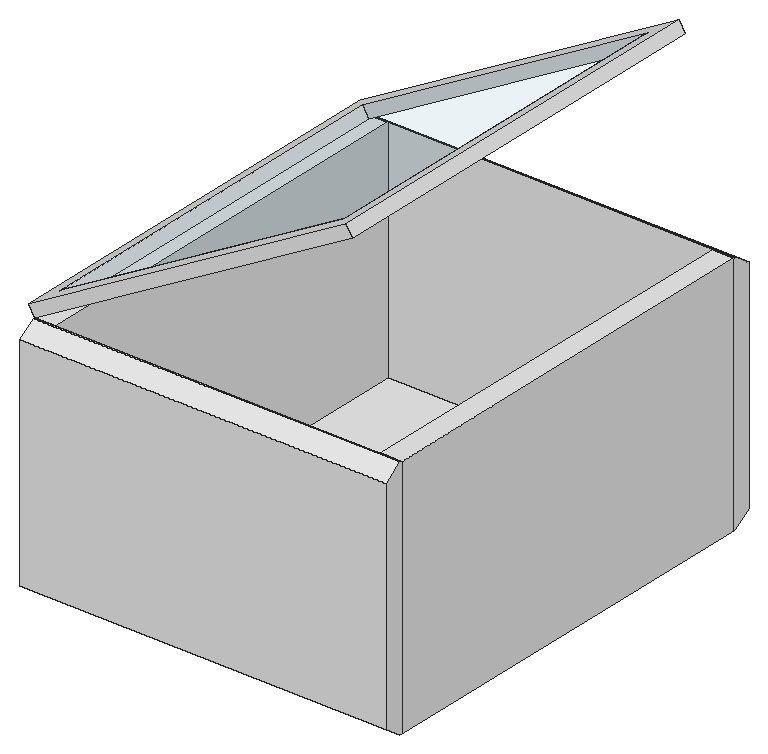
Revit family "Domotics-CablaggioStrutturato-GEWISS-QUADRI_PARETE_19_15U_P400", category Apparecchi elettrici, host Superficie, Revit 2019
Family settings
  Host = Superficie
  Mantenere orientamento annotazione = Sì
  Quota connettore circolare = Usa diametro
  Tipo di parte = Normale
  Taglio con vuoti quando caricato = No
  Condiviso = No
  Punto di calcolo locali = Sì
Parameters (values of type "GW38409 - QUADRO DA PARETE 19 15U P=400MM.")
  simbolo in pianta [instance] = yes
  Visibilità sportello [instance] = yes
  Versione file RFA = "21.2"
  UnitÃ  di cablaggio = "15 U"
  URL = "https://www.gewiss.com/it/it"
  Tipologia porta = "Reversibile"
  Scheda Tecnica = "https://www.gewiss.com/it/it/search?q=GW38409"
  SEO = "Quadro"
  Default Elevation = 1219.2 mm
  ProfonditÃ  (mm) = "400 mm"
  Produttore = "GEWISS S.p.A."
  Portata statica = "50KG"
  Nome quadro [instance] = "n.quadro"
  N. montanti = "2"
  Modello = "GW38409"
  Materiale = "Acciaio"
  Immagine tipo = B.jpg
  IDT = "17dd06d31ede436fa0e8bbddfc93c58c"
  IDF = "c6e916d7-4e50-4585-9099-88fb55417784"
  Grado di protezione = "IP20"
  Finitura = "Bucciata"
  Distanza_x [instance] = -380.34 mm
  Distanza simbolo [instance] = 0.5 mm
  Distanza effettiva x [instance] = 1000 mm - Distanza_x  # 1380.34 mm
  Dim. esterne BxHxP (mm) = "600x740x400"
  Descrizione = "QUADRO DA PARETE 19 15U P=400MM."
  Creato da GEWISS S.p.A. = ""
  Colore = "Grigio (RAL 7035)"
  Codice Electrocod = "3752"
  Categoria = "Quadro da parete 19\""
  Catalogo = "DOMOTICS"
  COBie.Tagnumber = ""
  COBie.CreatedOn = ""
  COBie.CreatebBy = ""
  COBie.ComponentRegisterItemID = ""
  COBie.Component.TagNumber = ""
  COBie.Component.Space = ""
  COBie.Component.SerialNumber = ""
  COBie.Component.InstallationDate = ""
  COBie.Component.Description = ""
  COBie.Component.BarCode = ""
  Apertura porta = "180°"
  Apertura [instance] = 30.00°
Reference planes
  plane 1 "Centro (Fronte/Retro)": y = 0
  plane 2: z = 0
  plane 3 "Centro (Sinistra/Destra)": x = 0
  plane 4: x = -1380.34
  plane 5: x = 0
Forms (mm)
  Extrusion 1, solid, detail levels coarse
    sketch origin (0, 0, 0) x (1, 0, 0) y (0, 1, 0)
      loop
        line (-10, -4.25) -> (600, -4.25) -> (600, 744) -> (-10, 744) -> (-10, -4.25)
    from 0 to 400
Dimensions and locks
  plane 4 to plane 3 "Centro (Sinistra/Destra)" = 1380.34 mm
  "Distanza effettiva x": plane 4 to plane 5
  aligned and locked: host face to plane 2
  aligned and locked: host face to level
  aligned and locked: nested 1 to plane 5
  aligned and locked: plane 3 "Centro (Sinistra/Destra)" to nested 2
  aligned and locked: plane 1 "Centro (Fronte/Retro)" to nested 2
  aligned and locked: Extrusion 1 sketch curve to nested 2  (x4)
  aligned and locked: Extrusion 1 to nested 2
Automatic sketch dimensions
  host sketch curve to host sketch curve = 3398.537 mm
  host sketch curve to host sketch curve = 3619.2 mm
Nested families
  nested 1: "DATACENTERsimbolo" at (0, 911.19, 0), Distanza dal muro <- "Distanza simbolo", SIMBOLO ACCESO <- "simbolo in pianta", visible <- "simbolo in pianta", type "3P"
    with SIMBOLO ACCESO yes, Distanza dal muro 0.5 mm
  nested 2: "QUADRO DA PARETE 19 15U P_400MM_base" at (0, 0, 0), Visibilità sportello <- "Visibilità sportello", type "QUADRO DA PARETE 19 15U P_400MM_base", detail levels medium+fine
Definition of nested family "QUADRO DA PARETE 19 15U P_400MM_base"
  Parameters (values of type "QUADRO DA PARETE 19 15U P_400MM_base")
    s = 30.00°
    d_piano = 0 mm
    Visibilità sportello [instance] = yes
    Vetro = none
    Struttura = none
    Sportlello = none
    Profondità quadro = 400 mm  # constant formula
    Larghezza quadro = 600 mm  # constant formula
    Altezza quadro = 740 mm  # constant formula
  Reference planes
    plane 1 "Centro (Fronte/Retro)": y = 0
    plane 2: z = 0
    plane 3 "Centro (Sinistra/Destra)": x = 0
    plane 4: z = 0
    plane 5: z = 26
    plane 6: z = 376
    plane 7: z = 400
    plane 8 "posizione": y = 30
    plane 9: y = 710
    plane 10: y = 740
    plane 11: x = 600
    plane 12: x = 34
    plane 13: x = 566
    plane 14: y = -4.25
    plane 15: y = 744
    plane 16: z = 375.1
    plane 17: z = 345.6
    plane 18: x = 69.137
    plane 19: z = 57.064
    plane 20: z = 555.625
  Forms (mm)
    Extrusion 1, solid, material <- "Struttura"
      sketch origin (0, 0, 0) x (0, 1, 0) y (0, 0, 1)
        loop
          line (30, 400) -> (30, 0) -> (710, 0) -> (710, 400) -> (30, 400)
      from 0 to 34
    Extrusion 2, solid, material <- "Struttura"
      sketch origin (612, 0, 0) x (0, 1, 0) y (0, 0, -1)
        loop
          line (30, -400) -> (710, -400) -> (710, 0) -> (30, 0) -> (30, -400)
      from 12 to 46
    Extrusion 3, solid, material <- "Struttura"
      sketch origin (0, 0, 0) x (0, 1, 0) y (0, 0, 1)
        loop
          line (30, 0) -> (30, 400) -> (27.558, 400) -> (0, 380.704) -> (0, 19.296) -> (27.558, 0) -> (30, 0)
        loop
          line (710, 0) -> (712.442, 0) -> (740, 19.296) -> (740, 380.704) -> (712.442, 400) -> (710, 400) -> (710, 0)
      from 0 to 600
    Extrusion 4, solid, material <- "Struttura"
      sketch origin (0, 0, 0) x (1, 0, 0) y (0, 1, 0)
        loop
          line (34, 710) -> (34, 30) -> (566, 30) -> (566, 710) -> (34, 710)
      from 0 to 26
    Extrusion 5, solid, material <- "Sportlello", visible <- "Visibilità sportello"
      sketch origin (731.334, 0, 822.236) x (-0.866025, 0, -0.5) y (0, -1, 0)
        loop
          line (844.471, -30) -> (244.471, -30) -> (244.471, -710) -> (844.471, -710) -> (844.471, -30)
        loop
          line (274.471, -680) -> (814.471, -680) -> (814.471, -60) -> (274.471, -60) -> (274.471, -680)
      from 0 to 20
    Extrusion 6, solid, material <- "Vetro", visible <- "Visibilità sportello"
      sketch origin (731.334, 0, 822.236) x (-0.866025, 0, -0.5) y (0, -1, 0)
        loop
          line (814.471, -60) -> (274.471, -60) -> (274.471, -680) -> (814.471, -680) -> (814.471, -60)
      from 0 to 20
  Lines and regions (mm)
    reference lines
      curve 1: line (731.334, 0, 822.236) -> (0, 0, 400)
  Dimensions and locks
    locked: plane 5 to plane 4 at 26
    locked: plane 7 to plane 6 at 24
    "Profondità quadro": plane 7 to plane 4
    "d_piano": plane 4 to plane 2
    locked: plane 1 "Centro (Fronte/Retro)" to plane 8 "posizione" at 30
    locked: plane 9 to plane 10 at 30
    "Altezza quadro": plane 1 "Centro (Fronte/Retro)" to plane 10
    "Larghezza quadro": plane 3 "Centro (Sinistra/Destra)" to plane 11
    locked: plane 3 "Centro (Sinistra/Destra)" to plane 12 at 34
    locked: plane 13 to plane 11 at 34
    plane 9 to Extrusion 2 = 680 mm
    locked: plane 14 to plane 1 "Centro (Fronte/Retro)" at 4.25
    locked: plane 10 to plane 15 at 4
    locked: plane 17 to plane 16 at 29.5
    locked: plane 16 to plane 7 at 24.9
    locked: plane 19 to plane 5 at 31.064
    plane 3 "Centro (Sinistra/Destra)" to Extrusion 4 = 566 mm
    locked: Extrusion 5 sketch curve to curve 1 at 30
    "Larghezza quadro": Extrusion 5 sketch curve to Extrusion 5 sketch curve
    locked: Extrusion 5 sketch curve to Extrusion 5 sketch curve at 30  (x4)
    "s": angle plane 7 to curve 1
    aligned and locked: Extrusion 1 sketch curve to plane 7
    aligned and locked: Extrusion 1 sketch curve to plane 4
    aligned and locked: Extrusion 1 sketch curve to plane 8 "posizione"
    aligned and locked: Extrusion 1 sketch curve to plane 9
    aligned and locked: Extrusion 1 to plane 3 "Centro (Sinistra/Destra)"
    aligned and locked: plane 12 to Extrusion 1
    aligned and locked: plane 13 to Extrusion 2
    aligned and locked: Extrusion 2 to plane 11
    aligned and locked: Extrusion 2 to plane 4
    aligned and locked: plane 7 to Extrusion 2
    aligned and locked: Extrusion 3 sketch curve to plane 8 "posizione"
    aligned and locked: Extrusion 3 sketch curve to plane 7  (x2)
    aligned and locked: Extrusion 3 sketch curve to plane 1 "Centro (Fronte/Retro)"
    aligned and locked: Extrusion 3 sketch curve to plane 10
    aligned and locked: Extrusion 3 sketch curve to plane 9
    aligned and locked: Extrusion 3 sketch curve to plane 4
    aligned and locked: Extrusion 3 to plane 3 "Centro (Sinistra/Destra)"
    aligned and locked: Extrusion 3 to plane 11
    aligned and locked: Extrusion 4 sketch curve to plane 12
    aligned and locked: Extrusion 4 sketch curve to plane 9
    aligned and locked: Extrusion 4 sketch curve to plane 8 "posizione"
    aligned and locked: Extrusion 4 sketch curve to plane 13
    aligned and locked: plane 5 to Extrusion 4
    aligned and locked: Extrusion 4 to plane 4
    aligned and locked: curve 1 to Extrusion 3
    aligned and locked: Extrusion 6 sketch curve to Extrusion 5  (x3)
    aligned and locked: Extrusion 5 sketch curve to Extrusion 3
  Automatic sketch dimensions
    plane 7 to Extrusion 2 sketch curve = 0 mm
    Extrusion 2 sketch curve to plane 8 "posizione" = 0 mm
    Extrusion 2 sketch curve to plane 4 = 0 mm
    Extrusion 2 sketch curve to plane 9 = 0 mm
    plane 8 "posizione" to Extrusion 3 sketch curve = 2.442 mm  (x2)
    Extrusion 3 sketch curve to plane 9 = 2.442 mm  (x2)
    Extrusion 3 sketch curve to plane 5 = 6.704 mm  (x2)
    plane 6 to Extrusion 3 sketch curve = 4.704 mm  (x2)
    Extrusion 3 sketch curve to plane 4 = 0 mm
    Extrusion 6 sketch curve to curve 1 = 30 mm
    Extrusion 5 sketch curve to curve 1 = 0 mm
    curve 1 to plane 3 "Centro (Sinistra/Destra)" = 0 mm
    curve 1 to plane 7 = 0 mm
Definition of nested family "DATACENTERsimbolo"
  Parameters (values of type "3P")
    SIMBOLO ACCESO [instance] = yes
    Distanza dal muro [instance] = 0 mm
  Reference planes
    plane 1: y = 0
    plane 2: x = 0
  Dimensions and locks
    "Distanza dal muro": plane 1 to nested 1
    aligned and locked: plane 2 to nested 1
  Nested families
    nested 1: "DATACENTERsimbolo.base" at (0, 0, 0), type "3P"
      with CORNICE SIMBOLO yes
  Definition of nested family "DATACENTERsimbolo.base"
    Parameters (values of type "3P")
      Testo = ""
      CORNICE SIMBOLO [instance] = yes
      3P = yes
    Reference planes
      plane 1: y = 0
      plane 2: x = 0
    Lines and regions (mm)
      detail lines
        curve 1: line (6.852, 3.426, 0) -> (8.859, 3.426, 0)
        curve 2: line (8.859, 3.426, 0) -> (8.859, 0, 0)
        curve 3: line (8.859, 0, 0) -> (6.852, 0, 0)
        curve 4: line (6.852, 0, 0) -> (0, 3.426, 0)
        curve 5: line (0, 3.426, 0) -> (3.027, 3.426, 0)
        curve 6: line (3.027, 3.426, 0) -> (6.852, 3.426, 0)
        curve 7: line (6.852, 3.426, 0) -> (6.852, 0, 0)
        curve 8: line (6.852, 0, 0) -> (0, 0, 0)
        curve 9: line (0, 0, 0) -> (0, 3.426, 0)
        curve 10: line (7.856, 1.713, 0) -> (7.856, 2.67, 0)
        curve 11: line (8.526, 0.756, 0) -> (8.526, 1.713, 0)
        curve 12: line (8.526, 1.713, 0) -> (7.185, 1.713, 0)
        curve 13: line (7.185, 1.713, 0) -> (7.185, 0.756, 0)
    Text (mm)
      label "RJ" at (7.87, 1.29, 0), shows "Testo"
    Nested families
      nested 1: "testo_simb" at (7.89, 1.134, 0), type "3P"
        with SIMBOLO ACCESO yes, Distanza dal muro 0 mm
      nested 2: "testo_simb" at (7.855, 0, 0), type "3P"
        with SIMBOLO ACCESO yes, Distanza dal muro 0 mm
      nested 3: "testo_simb" at (7.855, 0, 0), type "3P"
        with SIMBOLO ACCESO yes, Distanza dal muro 0 mm
      nested 4: "testo_simb" at (7.855, 0, 0), type "3P"
        with SIMBOLO ACCESO yes, Distanza dal muro 0 mm
      nested 5: "testo_simb" at (7.855, 0, 0), type "3P"
        with SIMBOLO ACCESO yes, Distanza dal muro 0 mm
    Definition of nested family "testo_simb"
      Parameters (values of type "3P")
        testo simb = ""
        SIMBOLO ACCESO [instance] = yes
        Distanza dal muro [instance] = 0 mm
      Reference planes
        plane 1: y = 0
        plane 2: x = 0
      Text (mm)
        label "RJ" at (0.02, 0.123, 0), shows "testo simb"
